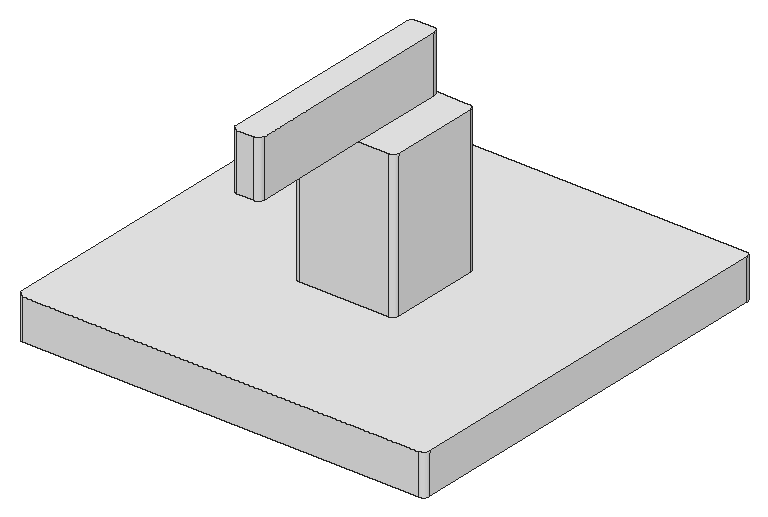
Revit family
Parameters (values of type "Chrome-Polished_Chrome-CP")
  Width = 0' - 6 5/16"
  WFU = 0
  URL = "http://www.us.kohler.com"
  Product Page URL = "http://www.us.kohler.com/onlinecatalog/detail.jsp?prod_num=T14672-4"
  Product Documentation Link = "http://www.us.kohler.com/onlinecatalog/pdf/1138916_4.pdf"
  Model = "K-T14672-4"  # constant formula
  Manufacturer = "Kohler"  # constant formula
  Length = 0' - 3 3/4"
  Hot Water Radius = 3/16"
  Hot Water Diameter = Hot Water Radius * 2  # 3/8"
  Hot Water Connector = "Hot Water Connection"  # constant formula
  Height = 0' - 6 5/16"
  HWFU = 0
  HW Connection = yes
  Finish = Chrome-Kohler-CP-Polished_Chrome
  Description = "Sheetflow thermostatic valve trim"  # constant formula
  Default Elevation = 0' - 0"
  Created By = "http://medialab3dstudio.com/"
  Cold Water Radius = 3/16"
  Cold Water Diameter = Cold Water Radius * 2  # 3/8"
  Cold Water Connector = "Cold Water Connection"  # constant formula
  CWFU = 0
  CW Connection = yes
  Assembly Code = "C1030200"
  Actual Valve Water Flow = 0 GPM
  ADA Compliant = yes
Types (4): name | Finish
  (no name) | Chrome-Kohler-CP-Polished_Chrome
  Chrome-Polished_Chrome-CP | Chrome-Kohler-CP-Polished_Chrome
  Nickel-Brushed_Nickel-BN | Nickel-Kohler-BN-Brushed_Nickel
  Nickel-Polished_Nickel-SN | Nickel-Kohler-SN-Polished_Nickel
Reference planes (in)
  plane 1 "Center (Front/Back)": y = 0
  plane 2 "Back": z = 0
  plane 3 "Center (Left/Right)": x = 0
  plane 4 "Left": x = -3.15625
  plane 5 "Right": x = 3.15625
  plane 6 "Top": y = 3.15625
  plane 7 "Bottom": y = -3.15625
  plane 8 "Front": z = 3.75
  plane 9 "Top of Base": z = 0.625
  plane 10: y = 0.78125
  plane 11: y = -0.78125
  plane 12: x = -0.78125
  plane 13: x = 0.78125
  plane 14: z = 2.875
  plane 15: x = -0.21875
  plane 16: x = 0.21875
  plane 17: y = -2.6875
  plane 18: x = 0.3125
  plane 19: x = -0.3125
  plane 20: z = 0.26905
Forms (in)
  Extrusion 1, solid, not visible
    sketch origin (0, 0, 0) x (1, 0, 0) y (0, 1, 0)
      loop
        line (-11, 13) -> (-11, -13.03094) -> (11.10516, -13.03094) -> (11.10516, 13) -> (-11, 13)
    from 0 to -12
  Extrusion 2, solid, material "Chrome-Kohler-CP-Polished_Chrome" <- "Finish"
    sketch origin (0, 0, 0) x (1, 0, 0) y (0, 1, 0)
      loop
        arc (-3.0625, 3.15625) -> (-3.12879, 3.12879) -> (-3.15625, 3.0625) r 0.09375
        line (-3.15625, 3.0625) -> (-3.15625, -3.0625)
        arc (-3.15625, -3.0625) -> (-3.12879, -3.12879) -> (-3.0625, -3.15625) r 0.09375
        line (-3.0625, -3.15625) -> (3.0625, -3.15625)
        arc (3.0625, -3.15625) -> (3.12879, -3.12879) -> (3.15625, -3.0625) r 0.09375
        line (3.15625, -3.0625) -> (3.15625, 3.0625)
        arc (3.15625, 3.0625) -> (3.12879, 3.12879) -> (3.0625, 3.15625) r 0.09375
        line (3.0625, 3.15625) -> (-3.0625, 3.15625)
    from 0 to 0.625
  Extrusion 3, solid, material "Chrome-Kohler-CP-Polished_Chrome" <- "Finish"
    sketch origin (0, 0, 0) x (1, 0, 0) y (0, 1, 0)
      loop
        arc (-0.6875, 0.78125) -> (-0.75379, 0.75379) -> (-0.78125, 0.6875) r 0.09375
        line (-0.78125, 0.6875) -> (-0.78125, -0.6875)
        arc (-0.78125, -0.6875) -> (-0.75379, -0.75379) -> (-0.6875, -0.78125) r 0.09375
        line (-0.6875, -0.78125) -> (0.6875, -0.78125)
        arc (0.6875, -0.78125) -> (0.75379, -0.75379) -> (0.78125, -0.6875) r 0.09375
        line (0.78125, -0.6875) -> (0.78125, 0.6875)
        arc (0.78125, 0.6875) -> (0.75379, 0.75379) -> (0.6875, 0.78125) r 0.09375
        line (0.6875, 0.78125) -> (-0.6875, 0.78125)
    from 0.625 to 2.875
  Extrusion 4, solid, material "Chrome-Kohler-CP-Polished_Chrome" <- "Finish"
    sketch origin (0, 0, 0) x (1, 0, 0) y (0, 1, 0)
      loop
        arc (-0.125, 0.78125) -> (-0.19129, 0.75379) -> (-0.21875, 0.6875) r 0.09375
        line (-0.21875, 0.6875) -> (-0.21875, -2.59375)
        arc (-0.21875, -2.59375) -> (-0.19129, -2.66004) -> (-0.125, -2.6875) r 0.09375
        line (-0.125, -2.6875) -> (0.125, -2.6875)
        arc (0.125, -2.6875) -> (0.19129, -2.66004) -> (0.21875, -2.59375) r 0.09375
        line (0.21875, -2.59375) -> (0.21875, 0.6875)
        arc (0.21875, 0.6875) -> (0.19129, 0.75379) -> (0.125, 0.78125) r 0.09375
        line (0.125, 0.78125) -> (-0.125, 0.78125)
    from 2.875 to 3.75
  Extrusion 5, void
    sketch origin (0, 0, 0) x (1, 0, 0) y (0, 1, 0)
      loop
        arc (0.125, 0) -> (0.17992, -0.13258) -> (0.3125, -0.1875) r 0.1875
        arc (0.3125, -0.1875) -> (0.44508, -0.13258) -> (0.5, 0) r 0.1875
        arc (0.5, 0) -> (0.44508, 0.13258) -> (0.3125, 0.1875) r 0.1875
        arc (0.3125, 0.1875) -> (0.17992, 0.13258) -> (0.125, 0) r 0.1875
      loop
        arc (-0.3125, 0.1875) -> (-0.44508, 0.13258) -> (-0.5, 0) r 0.1875
        arc (-0.5, 0) -> (-0.44508, -0.13258) -> (-0.3125, -0.1875) r 0.1875
        arc (-0.3125, -0.1875) -> (-0.17992, -0.13258) -> (-0.125, 0) r 0.1875
        arc (-0.125, 0) -> (-0.17992, 0.13258) -> (-0.3125, 0.1875) r 0.1875
    from 0 to 0.26905
Cuts and joins
  Extrusion 5 cuts Extrusion 2
  joined: Extrusion 2, Extrusion 3, Extrusion 4
Lines and regions (in)
  Masking region 1
    outline origin (0, 0, 0) x (1, 0, 0) y (0, 1, 0)
      loop
        line (-3.15625, 3.15625) -> (-3.15625, -3.15625) -> (3.15625, -3.15625) -> (3.15625, 3.15625) -> (-3.15625, 3.15625)
  Masking region 2, detail levels medium+fine
    outline origin (0, 0, 3.75) x (-1, 0, 0) y (0, -1, 0)
      loop
        line (0.78125, -0.78125) -> (0.78125, 0.78125) -> (0.21875, 0.78125) -> (0.21875, 2.6875) -> (-0.21875, 2.6875) -> (-0.21875, 0.78125) -> (-0.78125, 0.78125) -> (-0.78125, -0.78125) -> (0.78125, -0.78125)
  Masking region 3, detail levels coarse
    outline origin (0, 0, 0) x (1, 0, 0) y (0, 0, 1)
      loop
        line (-3.15625, 3.75) -> (-3.15625, 0) -> (3.15625, 0) -> (3.15625, 3.75) -> (-3.15625, 3.75)
  Masking region 4, detail levels medium+fine
    outline origin (0, 0, 0) x (1, 0, 0) y (0, 0, 1)
      loop
        line (-3.15625, 0) -> (3.15625, 0) -> (3.15625, 0.625) -> (0.78125, 0.625) -> (0.78125, 2.875) -> (0.21875, 2.875) -> (0.21875, 3.75) -> (-0.21875, 3.75) -> (-0.21875, 2.875) -> (-0.78125, 2.875) -> (-0.78125, 0.625) -> (-3.15625, 0.625) -> (-3.15625, 0)
  Masking region 5, detail levels coarse
    outline origin (0, 0, 0) x (0, 1, 0) y (0, 0, 1)
      loop
        line (3.15625, 3.75) -> (-3.15625, 3.75) -> (-3.15625, 0) -> (3.15625, 0) -> (3.15625, 3.75)
  Masking region 6, detail levels medium+fine
    outline origin (0, 0, 0) x (0, 1, 0) y (0, 0, 1)
      loop
        line (-3.15625, 0) -> (3.15625, 0) -> (3.15625, 0.625) -> (0.78125, 0.625) -> (0.78125, 3.75) -> (-2.6875, 3.75) -> (-2.6875, 2.875) -> (-0.78125, 2.875) -> (-0.78125, 0.625) -> (-3.15625, 0.625) -> (-3.15625, 0)
  Masking region 7, detail levels fine
    outline origin (0, 0, 0) x (1, 0, 0) y (0, 1, 0)
      loop
        arc (-0.125, 0) -> (-0.17992, 0.13258) -> (-0.3125, 0.1875) r 0.1875
        arc (-0.3125, 0.1875) -> (-0.44508, 0.13258) -> (-0.5, 0) r 0.1875
        arc (-0.5, 0) -> (-0.44508, -0.13258) -> (-0.3125, -0.1875) r 0.1875
        arc (-0.3125, -0.1875) -> (-0.17992, -0.13258) -> (-0.125, 0) r 0.1875
      loop
        arc (0.125, 0) -> (0.17992, -0.13258) -> (0.3125, -0.1875) r 0.1875
        arc (0.3125, -0.1875) -> (0.44508, -0.13258) -> (0.5, 0) r 0.1875
        arc (0.5, 0) -> (0.44508, 0.13258) -> (0.3125, 0.1875) r 0.1875
        arc (0.3125, 0.1875) -> (0.17992, 0.13258) -> (0.125, 0) r 0.1875
  symbolic lines, style "Masking Lines", detail levels fine
    curve 1: line (-0.21875, -0.78125, 3.75) -> (-0.21875, 0.78125, 3.75)
    curve 2: line (0.21875, 0.78125, 3.75) -> (0.21875, -0.78125, 3.75)
    curve 3: line (-0.78125, 0, 0.625) -> (0.78125, 0, 0.625)
    curve 4: line (0, 0.78125, 0.625) -> (0, -0.78125, 0.625)
    curve 5: line (-0.21875, 0, 2.875) -> (0.21875, 0, 2.875)
    curve 6: line (-0.21875, 0, 3.75) -> (-0.21875, 0, 2.875)
    curve 7: line (0.21875, 0, 3.75) -> (0.21875, 0, 2.875)
    curve 8: line (0, -0.78125, 2.875) -> (0, 0.78125, 2.875)
Dimensions and locks (in)
  "Length": plane 8 "Front" to plane 2 "Back"
  plane 15 to plane 3 "Center (Left/Right)" to plane 16 = 0' - 0 7/32" locked, 0' - 0 7/32" locked
  plane 12 to plane 3 "Center (Left/Right)" to plane 13 = 0' - 0 25/32" locked, 0' - 0 25/32" locked
  plane 10 to plane 1 "Center (Front/Back)" to plane 11 = 0' - 0 25/32" locked, 0' - 0 25/32" locked
  plane 19 to plane 3 "Center (Left/Right)" to plane 18 = 0' - 0 5/16" locked, 0' - 0 5/16" locked
  "Width": plane 4 "Left" to plane 5 "Right"
  "Height": plane 6 "Top" to plane 7 "Bottom"
  radius of Extrusion 2 sketch curve = 0' - 0 3/32"  (x4)
  radius of Extrusion 3 sketch curve = 0' - 0 3/32"  (x4)
  radius of Extrusion 4 sketch curve = 0' - 0 3/32"  (x4)
  "Cold Water Radius": radius of Extrusion 5 sketch curve
  "Hot Water Radius": radius of Extrusion 5 sketch curve
  aligned and locked: plane 2 "Back" to Extrusion 1
  aligned and locked: level to Extrusion 1
  aligned and locked: Extrusion 2 sketch curve to plane 6 "Top"
  aligned and locked: Extrusion 2 sketch curve to plane 5 "Right"
  aligned and locked: plane 7 "Bottom" to Extrusion 2 sketch curve
  aligned and locked: plane 4 "Left" to Extrusion 2 sketch curve  (x2)
  aligned and locked: Extrusion 2 to plane 2 "Back"
  aligned and locked: plane 9 "Top of Base" to Extrusion 2
  aligned and locked: Extrusion 3 sketch curve to plane 10
  aligned and locked: Extrusion 3 sketch curve to plane 13
  aligned and locked: plane 11 to Extrusion 3 sketch curve
  aligned and locked: plane 12 to Extrusion 3 sketch curve
  aligned and locked: Extrusion 3 to plane 9 "Top of Base"
  aligned and locked: plane 14 to Extrusion 3
  aligned and locked: plane 15 to Extrusion 4 sketch curve
  aligned and locked: Extrusion 4 sketch curve to plane 10
  aligned and locked: Extrusion 4 sketch curve to plane 16
  aligned and locked: plane 17 to Extrusion 4 sketch curve
  aligned and locked: plane 8 "Front" to Extrusion 4
  aligned and locked: Masking region 1 sketch curve to plane 6 "Top"
  aligned and locked: plane 4 "Left" to Masking region 1 sketch curve
  aligned and locked: Masking region 1 sketch curve to plane 5 "Right"
  aligned and locked: plane 7 "Bottom" to Masking region 1 sketch curve
  aligned and locked: plane 15 to Masking region 2 sketch curve
  aligned and locked: plane 11 to Masking region 2 sketch curve  (x2)
  aligned and locked: plane 12 to Masking region 2 sketch curve
  aligned and locked: Masking region 2 sketch curve to plane 10
  aligned and locked: Masking region 2 sketch curve to plane 13
  aligned and locked: Masking region 2 sketch curve to plane 16
  aligned and locked: plane 17 to Masking region 2 sketch curve
  aligned and locked: Masking region 3 sketch curve to plane 8 "Front"
  aligned and locked: Masking region 3 sketch curve to plane 5 "Right"
  aligned and locked: plane 2 "Back" to Masking region 3 sketch curve
  aligned and locked: plane 4 "Left" to Masking region 3 sketch curve
  aligned and locked: plane 12 to Masking region 4 sketch curve
  aligned and locked: Masking region 4 sketch curve to plane 8 "Front"
  aligned and locked: Masking region 4 sketch curve to plane 13
  aligned and locked: Masking region 4 sketch curve to plane 9 "Top of Base"
  aligned and locked: Masking region 4 sketch curve to plane 5 "Right"
  aligned and locked: Masking region 4 sketch curve to plane 4 "Left"
  aligned and locked: curve 3 to plane 9 "Top of Base"
  aligned and locked: Masking region 5 sketch curve to plane 8 "Front"
  aligned and locked: plane 7 "Bottom" to Masking region 5 sketch curve
  aligned and locked: plane 2 "Back" to Masking region 5 sketch curve
  aligned and locked: Masking region 5 sketch curve to plane 6 "Top"
  aligned and locked: plane 2 "Back" to Masking region 6 sketch curve
  aligned and locked: plane 7 "Bottom" to Masking region 6 sketch curve
  aligned and locked: Masking region 6 sketch curve to plane 9 "Top of Base"  (x2)
  aligned and locked: plane 11 to Masking region 6 sketch curve
  aligned and locked: plane 17 to Masking region 6 sketch curve
  aligned and locked: Masking region 6 sketch curve to plane 8 "Front"
  aligned and locked: Masking region 6 sketch curve to plane 10
  aligned and locked: Masking region 6 sketch curve to plane 6 "Top"
  aligned and locked: curve 2 to plane 16
  aligned and locked: plane 15 to curve 1
  aligned and locked: plane 10 to curve 2
  aligned and locked: plane 10 to curve 1
  aligned and locked: plane 18 to Extrusion 5 sketch curve  (x2)
  aligned and locked: plane 1 "Center (Front/Back)" to Extrusion 5 sketch curve  (x4)
  aligned and locked: plane 19 to Extrusion 5 sketch curve  (x2)
  aligned and locked: Extrusion 5 to plane 2 "Back"
  aligned and locked: plane 20 to Extrusion 5
Automatic sketch dimensions
  Extrusion 1 sketch curve to Extrusion 1 sketch curve = 1' - 10.10516"
  Extrusion 1 sketch curve to Extrusion 1 sketch curve = 2' - 2.03094"
  curve 2 to plane 11 = 0' - 0"
  curve 1 to plane 11 = 0' - 0"
  Masking region 6 sketch curve to plane 14 = 0' - 0"
  Masking region 7 sketch curve to Masking region 7 sketch curve = 0' - 0"  (x24)
  plane 1 "Center (Front/Back)" to Masking region 7 sketch curve = 0' - 0"  (x2)
  plane 12 to Masking region 7 sketch curve = 0' - 0 9/32"
  Masking region 7 sketch curve to plane 15 = 0' - 0 3/32"
  Masking region 7 sketch curve to plane 16 = 0' - 0 3/32"
  plane 16 to Masking region 7 sketch curve = 0' - 0 3/32"
  Masking region 4 sketch curve to plane 14 = 0' - 0"  (x2)
  Masking region 4 sketch curve to plane 15 = 0' - 0"
  Masking region 4 sketch curve to plane 16 = 0' - 0"
  Masking region 4 sketch curve to level = 0' - 0"
  Masking region 4 sketch curve to plane 9 "Top of Base" = 0' - 0"
  curve 3 to plane 12 = 0' - 0"
  curve 5 to plane 14 = 0' - 0"
  curve 5 to plane 15 = 0' - 0"
  curve 5 to plane 16 = 0' - 0"
  curve 7 to plane 8 "Front" = 0' - 0"
  curve 3 to plane 13 = 0' - 0"
  curve 6 to plane 8 "Front" = 0' - 0"
  curve 4 to plane 9 "Top of Base" = 0' - 0"
  curve 4 to plane 11 = 0' - 0"
  curve 8 to plane 11 = 0' - 0"
  curve 8 to plane 10 = 0' - 0"
  curve 4 to plane 10 = 0' - 0"
  curve 8 to plane 14 = 0' - 0"
Connectors (in)
  piping at (0.3125, 0, 0), driven by "Actual Valve Water Flow", driven by "Cold Water Radius", driven by "CW Connection", driven by "Cold Water Connector", driven by "CWFU"
    settings: on cut or joined group of Extrusion 2, Extrusion 3, Extrusion 4, Extrusion 5, index 1, connector radius 3/16", flow factor 0, pipe flow 0 GPM, pressure drop 0.00 psi, fitting loss kfactor 0, connector angle 0.00°, fixture units 0, flow configuration 3, flow direction 1, fitting loss method 0, system type 20, connector reference index -1, connector utility 1, adjustable connector no, is connector primary yes, fitting loss table "", connector description "Cold Water Connection"
  piping at (-0.3125, 0, 0.26905), driven by "Actual Valve Water Flow", driven by "Hot Water Radius", driven by "HW Connection", driven by "Hot Water Connector", driven by "HWFU"
    settings: on cut or joined group of Extrusion 2, Extrusion 3, Extrusion 4, Extrusion 5, index 2, connector radius 3/16", flow factor 0, pipe flow 0 GPM, pressure drop 0.00 psi, fitting loss kfactor 0, connector angle 0.00°, fixture units 0, flow configuration 3, flow direction 1, fitting loss method 0, system type 19, connector reference index -1, connector utility 1, adjustable connector no, is connector primary no, fitting loss table "", connector description "Hot Water Connection"
